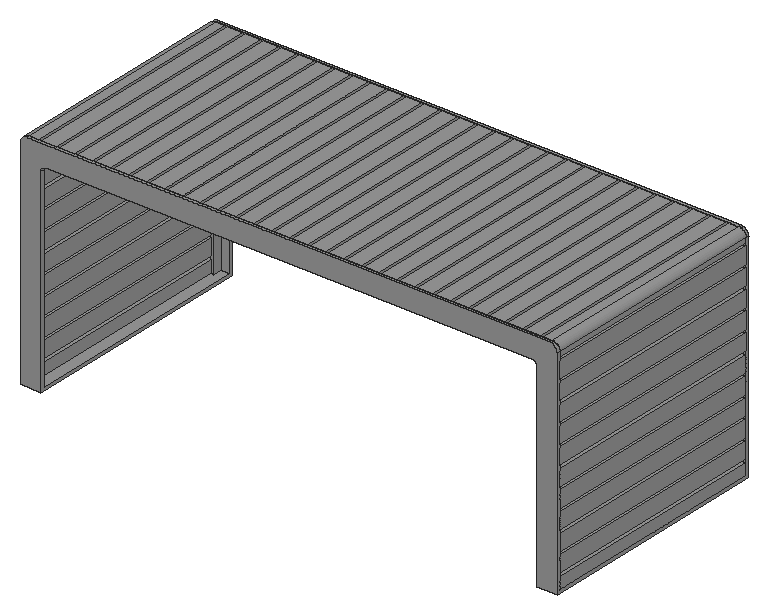
Revit family "26224 Стол садовый «Ладья» Хоббика", category Антураж, Revit 2018
Family settings
  На основе рабочей плоскости = Нет
  Всегда вертикально = Да
  При загрузке вырезать с полостями = Нет
  Источник визуального образа = Геометрия семейства
  Общий = Нет
  Точка расчета площади = Нет
Parameters (values of type "Стол садовый «Ладья»")
  Ширина = 800 mm  # constant formula
  Цвет отделки = Дерево
  Цвет основания = Сталь
  Описание = "Стол садовый «Ладья»"  # constant formula
  Материал изделия = "Сталь, дерево"  # constant formula
  Изображение типоразмера = Стол садовый «Ладья» Арт 26224.jpg
  Изготовитель = "ООО «Хоббика»"  # constant formula
  Длина = 1800 mm  # constant formula
  Группа модели = "Садовые столы"  # constant formula
  Высота = 750 mm  # constant formula
  Артикул товара = "Арт. 26224"  # constant formula
  URL = "https://hobbyka.ru/product/stol_sadovyy_ladya"
Reference planes
  plane 1 "По центру (Вперед/Назад)": y = 0
  plane 2: z = 0
  plane 3 "По центру (Влево/Вправо)": x = 0
  plane 4: x = 1800
  plane 5: y = 800
  plane 6: z = 750
Forms (mm)
  Extrusion 1, solid, material "Сталь" <- "Цвет основания"
    sketch origin (0, 0, 0) x (1, 0, 0) y (0, 0, 1)
      loop
        line (0, 0) -> (70, 0) -> (70, 665)
        arc (70, 665) -> (74.393, 675.607) -> (85, 680) r 15
        line (85, 680) -> (1715, 680)
        arc (1715, 680) -> (1725.607, 675.607) -> (1730, 665) r 15
        line (1730, 665) -> (1730, 0) -> (1800, 0) -> (1800, 725)
        arc (1800, 725) -> (1792.678, 742.678) -> (1775, 750) r 25
        line (1775, 750) -> (25, 750)
        arc (25, 750) -> (7.322, 742.678) -> (0, 725) r 25
        line (0, 725) -> (0, 0)
    from 0 to -10
  Extrusion 2, solid, material "Сталь" <- "Цвет основания"
    sketch origin (0, 0, 0) x (1, 0, 0) y (0, 0, 1)
      loop
        line (0, 0) -> (70, 0) -> (70, 665)
        arc (70, 665) -> (74.393, 675.607) -> (85, 680) r 15
        line (85, 680) -> (1715, 680)
        arc (1715, 680) -> (1725.607, 675.607) -> (1730, 665) r 15
        line (1730, 665) -> (1730, 0) -> (1800, 0) -> (1800, 725)
        arc (1800, 725) -> (1792.678, 742.678) -> (1775, 750) r 25
        line (1775, 750) -> (25, 750)
        arc (25, 750) -> (7.322, 742.678) -> (0, 725) r 25
        line (0, 725) -> (0, 0)
    from -790 to -800
  Extrusion 3, solid, material "Дерево" <- "Цвет отделки"
    sketch origin (0, 0, 0) x (1, 0, 0) y (0, 0, 1)
      loop
        line (65, 720) -> (115, 720) -> (115, 750) -> (65, 750) -> (65, 720)
      loop
        line (125, 720) -> (175, 720) -> (175, 750) -> (125, 750) -> (125, 720)
      loop
        line (185, 720) -> (235, 720) -> (235, 750) -> (185, 750) -> (185, 720)
      loop
        line (245, 720) -> (295, 720) -> (295, 750) -> (245, 750) -> (245, 720)
      loop
        line (305, 720) -> (355, 720) -> (355, 750) -> (305, 750) -> (305, 720)
      loop
        line (365, 720) -> (415, 720) -> (415, 750) -> (365, 750) -> (365, 720)
      loop
        line (425, 720) -> (475, 720) -> (475, 750) -> (425, 750) -> (425, 720)
      loop
        line (485, 720) -> (535, 720) -> (535, 750) -> (485, 750) -> (485, 720)
      loop
        line (545, 720) -> (595, 720) -> (595, 750) -> (545, 750) -> (545, 720)
      loop
        line (605, 720) -> (655, 720) -> (655, 750) -> (605, 750) -> (605, 720)
      loop
        line (665, 720) -> (715, 720) -> (715, 750) -> (665, 750) -> (665, 720)
      loop
        line (725, 720) -> (775, 720) -> (775, 750) -> (725, 750) -> (725, 720)
      loop
        line (785, 720) -> (835, 720) -> (835, 750) -> (785, 750) -> (785, 720)
      loop
        line (845, 720) -> (895, 720) -> (895, 750) -> (845, 750) -> (845, 720)
      loop
        line (905, 720) -> (955, 720) -> (955, 750) -> (905, 750) -> (905, 720)
      loop
        line (965, 720) -> (1015, 720) -> (1015, 750) -> (965, 750) -> (965, 720)
      loop
        line (1025, 720) -> (1075, 720) -> (1075, 750) -> (1025, 750) -> (1025, 720)
      loop
        line (1085, 720) -> (1135, 720) -> (1135, 750) -> (1085, 750) -> (1085, 720)
      loop
        line (1145, 720) -> (1195, 720) -> (1195, 750) -> (1145, 750) -> (1145, 720)
      loop
        line (1205, 720) -> (1255, 720) -> (1255, 750) -> (1205, 750) -> (1205, 720)
      loop
        line (1265, 720) -> (1315, 720) -> (1315, 750) -> (1265, 750) -> (1265, 720)
      loop
        line (1325, 720) -> (1375, 720) -> (1375, 750) -> (1325, 750) -> (1325, 720)
      loop
        line (1385, 720) -> (1435, 720) -> (1435, 750) -> (1385, 750) -> (1385, 720)
      loop
        line (1445, 720) -> (1495, 720) -> (1495, 750) -> (1445, 750) -> (1445, 720)
      loop
        line (1505, 720) -> (1555, 720) -> (1555, 750) -> (1505, 750) -> (1505, 720)
      loop
        line (1565, 720) -> (1615, 720) -> (1615, 750) -> (1565, 750) -> (1565, 720)
      loop
        line (1625, 720) -> (1675, 720) -> (1675, 750) -> (1625, 750) -> (1625, 720)
      loop
        line (1685, 720) -> (1735, 720) -> (1735, 750) -> (1685, 750) -> (1685, 720)
    from -10 to -790
  Extrusion 4, solid, material "Дерево" <- "Цвет отделки"
    sketch origin (0, 0, 0) x (1, 0, 0) y (0, 0, 1)
      loop
        line (30, 720) -> (55, 720) -> (55, 750) -> (25, 750)
        arc (25, 750) -> (7.322, 742.678) -> (0, 725) r 25
        line (0, 725) -> (0, 710) -> (30, 710) -> (30, 720)
      loop
        line (1745, 720) -> (1770, 720) -> (1770, 710) -> (1800, 710) -> (1800, 725)
        arc (1800, 725) -> (1792.678, 742.678) -> (1775, 750) r 25
        line (1775, 750) -> (1745, 750) -> (1745, 720)
      loop
        line (1800, 700) -> (1770, 700) -> (1770, 645) -> (1800, 645) -> (1800, 700)
      loop
        line (1800, 635) -> (1770, 635) -> (1770, 580) -> (1800, 580) -> (1800, 635)
      loop
        line (1800, 570) -> (1770, 570) -> (1770, 515) -> (1800, 515) -> (1800, 570)
      loop
        line (1800, 505) -> (1770, 505) -> (1770, 450) -> (1800, 450) -> (1800, 505)
      loop
        line (1800, 440) -> (1770, 440) -> (1770, 385) -> (1800, 385) -> (1800, 440)
      loop
        line (30, 700) -> (0, 700) -> (0, 645) -> (30, 645) -> (30, 700)
      loop
        line (30, 635) -> (0, 635) -> (0, 580) -> (30, 580) -> (30, 635)
      loop
        line (30, 570) -> (0, 570) -> (0, 515) -> (30, 515) -> (30, 570)
      loop
        line (30, 505) -> (0, 505) -> (0, 450) -> (30, 450) -> (30, 505)
      loop
        line (30, 440) -> (0, 440) -> (0, 385) -> (30, 385) -> (30, 440)
      loop
        line (1800, 375) -> (1770, 375) -> (1770, 320) -> (1800, 320) -> (1800, 375)
      loop
        line (1800, 310) -> (1770, 310) -> (1770, 255) -> (1800, 255) -> (1800, 310)
      loop
        line (1800, 245) -> (1770, 245) -> (1770, 190) -> (1800, 190) -> (1800, 245)
      loop
        line (1800, 180) -> (1770, 180) -> (1770, 125) -> (1800, 125) -> (1800, 180)
      loop
        line (1800, 115) -> (1770, 115) -> (1770, 60) -> (1800, 60) -> (1800, 115)
      loop
        line (1800, 50) -> (1770, 50) -> (1770, 10) -> (1800, 10) -> (1800, 50)
      loop
        line (30, 375) -> (0, 375) -> (0, 320) -> (30, 320) -> (30, 375)
      loop
        line (30, 310) -> (0, 310) -> (0, 255) -> (30, 255) -> (30, 310)
      loop
        line (30, 245) -> (0, 245) -> (0, 190) -> (30, 190) -> (30, 245)
      loop
        line (30, 180) -> (0, 180) -> (0, 125) -> (30, 125) -> (30, 180)
      loop
        line (30, 115) -> (0, 115) -> (0, 60) -> (30, 60) -> (30, 115)
      loop
        line (30, 50) -> (0, 50) -> (0, 10) -> (30, 10) -> (30, 50)
    from -10 to -790
  Extrusion 5, solid, material "Сталь" <- "Цвет основания"
    sketch origin (0, 0, 0) x (1, 0, 0) y (0, 0, 1)
      loop
        line (0, 0) -> (70, 0) -> (70, 10) -> (0, 10) -> (0, 0)
      loop
        line (1730, 0) -> (1800, 0) -> (1800, 10) -> (1730, 10) -> (1730, 0)
    from 0 to -790
  Extrusion 6, solid, material "Сталь" <- "Цвет основания"
    sketch origin (0, 0, 0) x (1, 0, 0) y (0, 0, 1)
      loop
        line (30, 720) -> (30, 10) -> (40, 10) -> (40, 710) -> (1760, 710) -> (1760, 10) -> (1770, 10) -> (1770, 720) -> (30, 720)
    from -10 to -40
  Extrusion 7, solid, material "Сталь" <- "Цвет основания"
    sketch origin (0, 0, 0) x (1, 0, 0) y (0, 0, 1)
      loop
        line (30, 720) -> (30, 10) -> (40, 10) -> (40, 710) -> (1760, 710) -> (1760, 10) -> (1770, 10) -> (1770, 720) -> (30, 720)
    from -760 to -790
Cuts and joins
  joined: Extrusion 1, Extrusion 2, Extrusion 5, Extrusion 6, Extrusion 7
Dimensions and locks
  "Длина": plane 3 "По центру (Влево/Вправо)" to plane 4
  "Ширина": plane 5 to plane 1 "По центру (Вперед/Назад)"
  "Высота": plane 6 to level
  aligned and locked: level to plane 2
Automatic sketch dimensions
  Extrusion 1 sketch curve to plane 3 "По центру (Влево/Вправо)" = 0 mm
  Extrusion 1 sketch curve to plane 6 = 0 mm
  Extrusion 1 sketch curve to level = 0 mm  (x2)
  Extrusion 1 sketch curve to plane 4 = 0 mm
  plane 3 "По центру (Влево/Вправо)" to Extrusion 1 sketch curve = 25 mm
  Extrusion 1 sketch curve to Extrusion 1 sketch curve = 70 mm  (x2)
  Extrusion 1 sketch curve to Extrusion 1 sketch curve = 15 mm
  Extrusion 1 sketch curve to plane 4 = 85 mm
  Extrusion 1 sketch curve to plane 4 = 25 mm
  Extrusion 1 sketch curve to Extrusion 1 sketch curve = 60 mm
  Extrusion 2 sketch curve to plane 3 "По центру (Влево/Вправо)" = 0 mm
  Extrusion 2 sketch curve to plane 6 = 0 mm
  Extrusion 2 sketch curve to level = 0 mm  (x2)
  Extrusion 2 sketch curve to plane 4 = 0 mm
  plane 3 "По центру (Влево/Вправо)" to Extrusion 2 sketch curve = 25 mm
  Extrusion 2 sketch curve to Extrusion 2 sketch curve = 70 mm
  Extrusion 2 sketch curve to Extrusion 2 sketch curve = 15 mm
  Extrusion 2 sketch curve to plane 4 = 85 mm
  Extrusion 2 sketch curve to plane 4 = 70 mm
  Extrusion 2 sketch curve to plane 4 = 25 mm
  Extrusion 2 sketch curve to Extrusion 2 sketch curve = 60 mm
  Extrusion 3 sketch curve to plane 6 = 0 mm  (x28)
  plane 3 "По центру (Влево/Вправо)" to Extrusion 3 sketch curve = 65 mm
  Extrusion 3 sketch curve to Extrusion 3 sketch curve = 50 mm  (x28)
  Extrusion 3 sketch curve to Extrusion 3 sketch curve = 10 mm  (x27)
  Extrusion 3 sketch curve to Extrusion 3 sketch curve = 30 mm
  Extrusion 3 sketch curve to Extrusion 3 sketch curve = 0 mm  (x27)
  Extrusion 5 sketch curve to plane 3 "По центру (Влево/Вправо)" = 0 mm
  Extrusion 5 sketch curve to level = 0 mm  (x2)
  Extrusion 5 sketch curve to plane 4 = 0 mm
  level to Extrusion 5 sketch curve = 10 mm  (x2)
  plane 3 "По центру (Влево/Вправо)" to Extrusion 5 sketch curve = 70 mm
  Extrusion 5 sketch curve to Extrusion 5 sketch curve = 70 mm
  plane 3 "По центру (Влево/Вправо)" to Extrusion 6 sketch curve = 30 mm
  Extrusion 6 sketch curve to Extrusion 6 sketch curve = 10 mm  (x3)
  level to Extrusion 6 sketch curve = 10 mm  (x2)
  Extrusion 6 sketch curve to plane 4 = 40 mm
  Extrusion 6 sketch curve to plane 6 = 40 mm
  plane 3 "По центру (Влево/Вправо)" to Extrusion 7 sketch curve = 30 mm
  Extrusion 7 sketch curve to Extrusion 7 sketch curve = 10 mm  (x3)
  level to Extrusion 7 sketch curve = 10 mm  (x2)
  Extrusion 7 sketch curve to plane 4 = 40 mm
  Extrusion 7 sketch curve to plane 6 = 40 mm
  Extrusion 4 sketch curve to plane 3 "По центру (Влево/Вправо)" = 0 mm  (x12)
  Extrusion 4 sketch curve to plane 6 = 0 mm  (x2)
  Extrusion 4 sketch curve to plane 4 = 0 mm  (x12)
  plane 3 "По центру (Влево/Вправо)" to Extrusion 4 sketch curve = 25 mm
  level to Extrusion 4 sketch curve = 10 mm  (x2)
  Extrusion 4 sketch curve to Extrusion 4 sketch curve = 30 mm  (x2)
  Extrusion 4 sketch curve to Extrusion 4 sketch curve = 0 mm  (x17)
  Extrusion 4 sketch curve to Extrusion 4 sketch curve = 5 mm  (x3)
  Extrusion 4 sketch curve to Extrusion 4 sketch curve = 25 mm  (x3)
  Extrusion 4 sketch curve to plane 4 = 55 mm
  Extrusion 4 sketch curve to plane 4 = 30 mm  (x3)
  Extrusion 4 sketch curve to Extrusion 4 sketch curve = 40 mm  (x2)
  Extrusion 4 sketch curve to Extrusion 4 sketch curve = 10 mm  (x24)
  Extrusion 4 sketch curve to Extrusion 4 sketch curve = 55 mm  (x18)
